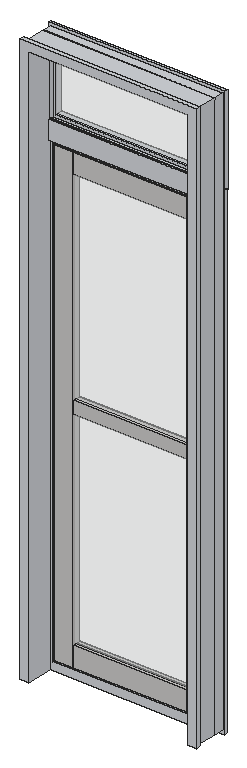
Revit family "APL Residential Thermal Heart Hinged Door with Overlight Open In", category Doors, host Wall, Revit 2017 (continued)
Definition of nested family "APL Residential Thermal Heart Hinged Door Open In Horizontal Section"
  Definition of nested family "Open In Jamb"
    Definition of nested family "65300_Open In Frame"
      Lines and regions (mm)
        model lines, in view "Ref. Level"
          curve 38: arc (16.673, -22.268, 0) -> (16.799, -22.181, 0) -> (16.865, -22.043, 0) r 0.3
          curve 39: arc (16.865, -22.043, 0) -> (17.138, -21.801, 0) -> (17.443, -22, 0) r 0.3
          curve 40: arc (19.76, -22, 0) -> (20.114, -21.854, 0) -> (20.26, -21.5, 0) r 0.5
          curve 41: arc (20.26, -15.2, 0) -> (20.319, -15.059, 0) -> (20.46, -15, 0) r 0.2
          curve 42: arc (24.707, -15.057, 0) -> (24.868, -15.163, 0) -> (25.057, -15.2, 0) r 0.5
          curve 43: arc (34.743, -15.2, 0) -> (34.932, -15.164, 0) -> (35.093, -15.057, 0) r 0.485
          curve 44: arc (41.4, -15, 0) -> (42.39, -14.59, 0) -> (42.8, -13.6, 0) r 1.4
          curve 45: arc (42.8, -13.194, 0) -> (42.917, -12.873, 0) -> (43.213, -12.702, 0) r 0.5
          curve 46: arc (44.013, -12.561, 0) -> (44.421, -12.67, 0) -> (44.6, -13.053, 0) r 0.5
          curve 47: arc (44.6, -24.2, 0) -> (44.981, -25.119, 0) -> (45.9, -25.5, 0) r 1.3
          curve 48: arc (55.35, -25.5, 0) -> (56, -24.85, 0) -> (55.35, -24.2, 0) r 0.65
          curve 49: arc (49.5, -4.7, 0) -> (49.854, -4.554, 0) -> (50, -4.2, 0) r 0.5
          curve 50: arc (50, 7.5, 0) -> (49.707, 8.207, 0) -> (49, 8.5, 0) r 1
          curve 51: arc (46.6, 8.5, 0) -> (45.893, 8.207, 0) -> (45.6, 7.5, 0) r 1
          curve 52: arc (45.6, 7.4, 0) -> (45.688, 7.188, 0) -> (45.9, 7.1, 0) r 0.3
          curve 53: arc (48.4, 7.1, 0) -> (48.541, 7.041, 0) -> (48.6, 6.9, 0) r 0.2
          curve 54: arc (48.6, 4, 0) -> (48.541, 3.859, 0) -> (48.4, 3.8, 0) r 0.2
          curve 55: arc (46.6, 3.8, 0) -> (46.238, 3.752, 0) -> (45.9, 3.612, 0) r 1.4
          curve 56: arc (39.875, 0.134, 0) -> (39.634, 0.034, 0) -> (39.375, 0, 0) r 1
          curve 57: arc (15.583, 0, 0) -> (15.278, -0.199, 0) -> (15.005, 0.043, 0) r 0.3
          curve 58: arc (15.005, 0.043, 0) -> (14.939, 0.181, 0) -> (14.813, 0.268, 0) r 0.3
          curve 59: arc (13.403, 0.782, 0) -> (13.117, 0.738, 0) -> (13.001, 0.474, 0) r 0.3
          curve 60: arc (13.208, -1.892, 0) -> (13.235, -1.992, 0) -> (13.295, -2.078, 0) r 0.3
          curve 61: arc (13.659, -2.441, 0) -> (13.852, -2.493, 0) -> (13.993, -2.352, 0) r 0.2
          curve 62: line (41.4, -12.02, 0) -> (41.4, -13.4, 0)
          curve 63: line (41.2, -13.6, 0) -> (16.255, -13.6, 0)
          curve 64: line (16.055, -13.4, 0) -> (16.055, -8.6, 0)
          curve 65: line (16.255, -8.4, 0) -> (16.9, -8.4, 0)
          curve 66: line (18.4, -6.9, 0) -> (18.4, -2.6, 0)
          curve 67: line (18.6, -2.4, 0) -> (23.2, -2.4, 0)
          curve 68: line (23.4, -2.2, 0) -> (23.4, -1.6, 0)
          curve 69: line (23.6, -1.4, 0) -> (33.4, -1.4, 0)
          curve 70: line (33.6, -1.6, 0) -> (33.6, -2.2, 0)
          curve 71: line (33.8, -2.4, 0) -> (38.4, -2.4, 0)
          curve 72: line (38.6, -2.2, 0) -> (38.6, -1.6, 0)
          curve 73: line (38.8, -1.4, 0) -> (39.375, -1.4, 0)
          curve 74: line (40.575, -1.078, 0) -> (46.554, 2.373, 0)
          curve 75: line (46.554, 2.373, 0) -> (48.4, 2.4, 0)
          curve 76: line (48.6, 2.2, 0) -> (48.6, -2.8, 0)
          curve 77: line (48.1, -3.3, 0) -> (46, -3.3, 0)
          curve 78: line (44.6, -4.7, 0) -> (44.6, -10.616, 0)
          curve 79: line (44.187, -11.109, 0) -> (41.813, -11.527, 0)
          curve 80: line (13.993, -2.352, 0) -> (14.179, -2.043, 0)
          curve 81: line (14.179, -2.043, 0) -> (16.168, -1.51, 0)
          curve 82: line (16.168, -1.51, 0) -> (16.4, -1.5, 0)
          curve 83: line (16.5, -2.247, 0) -> (16.5, -5.475, 0)
          curve 84: line (16.5, -5.475, 0) -> (16.694, -6.25, 0)
          curve 85: line (16.5, -6.5, 0) -> (15.979, -6.5, 0)
          curve 86: line (15.979, -6.5, 0) -> (14.569, -5.691, 0)
          curve 87: line (14.005, -5.5, 0) -> (13.755, -5.5, 0)
          curve 88: line (13.555, -5.7, 0) -> (13.555, -7.186, 0)
          curve 89: line (13.651, -7.356, 0) -> (14.059, -7.606, 0)
          curve 90: line (14.155, -7.776, 0) -> (14.155, -13.934, 0)
          curve 91: line (14.155, -13.934, 0) -> (15.056, -16.445, 0)
          curve 92: line (15.787, -16.701, 0) -> (15.924, -16.617, 0)
          curve 93: line (16.429, -16.309, 0) -> (17.682, -15.544, 0)
          curve 94: line (17.682, -15.544, 0) -> (18.36, -15.5, 0)
          curve 95: line (18.554, -15.75, 0) -> (18.366, -16.475, 0)
          curve 96: line (18.366, -16.475, 0) -> (18.36, -19.753, 0)
          curve 97: line (18.106, -20.5, 0) -> (16.039, -19.957, 0)
          curve 98: line (16.039, -19.957, 0) -> (15.853, -19.648, 0)
          curve 99: line (15.519, -19.559, 0) -> (15.155, -19.922, 0)
          curve 100: line (15.068, -20.108, 0) -> (14.861, -22.474, 0)
          curve 101: line (15.263, -22.782, 0) -> (16.673, -22.268, 0)
          curve 102: line (17.443, -22, 0) -> (19.76, -22, 0)
          curve 103: line (20.26, -21.5, 0) -> (20.26, -15.2, 0)
          curve 104: line (20.46, -15, 0) -> (24.567, -15, 0)
          curve 105: line (25.057, -15.2, 0) -> (29.5, -15.2, 0)
          curve 106: line (29.5, -15.2, 0) -> (29.9, -14.8, 0)
          curve 107: line (29.9, -14.8, 0) -> (30.3, -15.2, 0)
          curve 108: line (30.3, -15.2, 0) -> (34.743, -15.2, 0)
          curve 109: line (35.233, -15, 0) -> (41.4, -15, 0)
          curve 110: line (42.8, -13.6, 0) -> (42.8, -13.194, 0)
          curve 111: line (43.213, -12.702, 0) -> (44.013, -12.561, 0)
          curve 112: line (44.6, -13.053, 0) -> (44.6, -24.2, 0)
          curve 113: line (45.9, -25.5, 0) -> (47.7, -25.5, 0)
          curve 114: line (47.7, -25.5, 0) -> (48, -25.2, 0)
          curve 115: line (48, -25.2, 0) -> (53.25, -25.2, 0)
          curve 116: line (53.25, -25.2, 0) -> (53.55, -25.5, 0)
          curve 117: line (53.55, -25.5, 0) -> (55.35, -25.5, 0)
          curve 118: line (55.35, -24.2, 0) -> (46, -24.2, 0)
          curve 119: line (46, -24.2, 0) -> (46, -4.7, 0)
          curve 120: line (46, -4.7, 0) -> (49.5, -4.7, 0)
          curve 121: line (50, -4.2, 0) -> (50, 7.5, 0)
          curve 122: line (49, 8.5, 0) -> (46.6, 8.5, 0)
          curve 123: line (45.9, 7.1, 0) -> (48.4, 7.1, 0)
          curve 124: line (48.6, 6.9, 0) -> (48.6, 4, 0)
          curve 125: line (48.4, 3.8, 0) -> (46.6, 3.8, 0)
          curve 126: line (45.9, 3.612, 0) -> (39.875, 0.134, 0)
          curve 127: line (39.375, 0, 0) -> (36.5, 0, 0)
          curve 128: line (36.5, 0, 0) -> (36.1, -0.4, 0)
          curve 129: line (36.1, -0.4, 0) -> (35.7, 0, 0)
          curve 130: line (35.7, 0, 0) -> (25.9, 0, 0)
          curve 131: line (25.9, 0, 0) -> (25.5, -0.4, 0)
          curve 132: line (25.5, -0.4, 0) -> (25.1, 0, 0)
          curve 133: line (25.1, 0, 0) -> (15.583, 0, 0)
          curve 134: line (14.813, 0.268, 0) -> (13.403, 0.782, 0)
          curve 135: line (13.001, 0.474, 0) -> (13.208, -1.892, 0)
          curve 136: line (13.295, -2.078, 0) -> (13.659, -2.441, 0)
          curve 137: arc (14.038, -2.184, 0) -> (14.09, -2.095, 0) -> (14.179, -2.043, 0) r 0.2
          curve 138: arc (-0.24, -19.661, 0) -> (-0.123, -19.944, 0) -> (0.16, -20.061, 0) r 0.4
          curve 139: arc (0.453, -20.061, 0) -> (0.556, -20.047, 0) -> (0.653, -20.007, 0) r 0.4
          curve 140: arc (2.181, -19.122, 0) -> (2.471, -19.002, 0) -> (2.782, -18.961, 0) r 1.2
          curve 141: arc (3.705, -18.961, 0) -> (4.278, -18.78, 0) -> (4.644, -18.303, 0) r 1
          curve 142: arc (5.437, -16.124, 0) -> (5.584, -15.933, 0) -> (5.813, -15.861, 0) r 0.4
          curve 143: arc (12.307, -15.861, 0) -> (12.536, -15.933, 0) -> (12.683, -16.124, 0) r 0.4
          curve 144: arc (13.476, -18.303, 0) -> (13.842, -18.78, 0) -> (14.415, -18.961, 0) r 1
          curve 145: arc (15.338, -18.961, 0) -> (15.649, -19.002, 0) -> (15.939, -19.122, 0) r 1.2
          curve 146: arc (17.467, -20.007, 0) -> (17.564, -20.047, 0) -> (17.667, -20.061, 0) r 0.4
          curve 147: arc (17.96, -20.061, 0) -> (18.243, -19.944, 0) -> (18.36, -19.661, 0) r 0.4
          curve 148: arc (18.36, -16.261, 0) -> (18.243, -15.978, 0) -> (17.96, -15.861, 0) r 0.4
          curve 149: arc (17.667, -15.861, 0) -> (17.564, -15.875, 0) -> (17.467, -15.915, 0) r 0.4
          curve 150: arc (15.939, -16.799, 0) -> (15.645, -16.921, 0) -> (15.33, -16.961, 0) r 1.2
          curve 151: arc (15.33, -16.961, 0) -> (15.155, -16.908, 0) -> (15.044, -16.764, 0) r 0.3
          curve 152: arc (14.156, -14.324, 0) -> (14.009, -14.133, 0) -> (13.78, -14.061, 0) r 0.4
          curve 153: arc (4.34, -14.061, 0) -> (4.111, -14.133, 0) -> (3.964, -14.324, 0) r 0.4
          curve 154: arc (3.076, -16.764, 0) -> (2.965, -16.908, 0) -> (2.79, -16.961, 0) r 0.3
          curve 155: arc (2.79, -16.961, 0) -> (2.475, -16.921, 0) -> (2.181, -16.799, 0) r 1.2
          curve 156: arc (0.653, -15.915, 0) -> (0.556, -15.875, 0) -> (0.453, -15.861, 0) r 0.4
          curve 157: arc (0.16, -15.861, 0) -> (-0.123, -15.978, 0) -> (-0.24, -16.261, 0) r 0.4
          curve 158: line (0.16, -20.061, 0) -> (0.453, -20.061, 0)
          curve 159: line (0.653, -20.007, 0) -> (2.181, -19.122, 0)
          curve 160: line (2.782, -18.961, 0) -> (3.705, -18.961, 0)
          curve 161: line (4.644, -18.303, 0) -> (5.437, -16.124, 0)
          curve 162: line (5.813, -15.861, 0) -> (12.307, -15.861, 0)
          curve 163: line (12.683, -16.124, 0) -> (13.476, -18.303, 0)
          curve 164: line (14.415, -18.961, 0) -> (15.338, -18.961, 0)
          curve 165: line (15.939, -19.122, 0) -> (17.467, -20.007, 0)
          curve 166: line (17.667, -20.061, 0) -> (17.96, -20.061, 0)
          curve 167: line (18.36, -19.661, 0) -> (18.36, -16.261, 0)
          curve 168: line (17.96, -15.861, 0) -> (17.667, -15.861, 0)
          curve 169: line (17.467, -15.915, 0) -> (15.939, -16.799, 0)
          curve 170: line (15.044, -16.764, 0) -> (14.156, -14.324, 0)
          curve 171: line (13.78, -14.061, 0) -> (4.34, -14.061, 0)
          curve 172: line (3.964, -14.324, 0) -> (3.076, -16.764, 0)
          curve 173: line (2.181, -16.799, 0) -> (0.653, -15.915, 0)
          curve 174: line (0.453, -15.861, 0) -> (0.16, -15.861, 0)
          curve 175: line (-0.24, -16.261, 0) -> (-0.24, -19.661, 0)
          curve 176: arc (-2.1, -5.6, 0) -> (-1.983, -5.883, 0) -> (-1.7, -6, 0) r 0.4
          curve 177: arc (-1.407, -6, 0) -> (-1.304, -5.986, 0) -> (-1.207, -5.946, 0) r 0.4
          curve 178: arc (0.321, -5.061, 0) -> (0.611, -4.941, 0) -> (0.922, -4.9, 0) r 1.2
          curve 179: arc (1.845, -4.9, 0) -> (2.418, -4.719, 0) -> (2.784, -4.242, 0) r 1
          curve 180: arc (3.577, -2.063, 0) -> (3.724, -1.872, 0) -> (3.953, -1.8, 0) r 0.4
          curve 181: arc (10.447, -1.8, 0) -> (10.676, -1.872, 0) -> (10.823, -2.063, 0) r 0.4
          curve 182: arc (11.616, -4.242, 0) -> (11.982, -4.719, 0) -> (12.555, -4.9, 0) r 1
          curve 183: arc (13.478, -4.9, 0) -> (13.789, -4.941, 0) -> (14.079, -5.061, 0) r 1.2
          curve 184: arc (15.607, -5.946, 0) -> (15.704, -5.986, 0) -> (15.807, -6, 0) r 0.4
          curve 185: arc (16.1, -6, 0) -> (16.383, -5.883, 0) -> (16.5, -5.6, 0) r 0.4
          curve 186: arc (16.5, -2.2, 0) -> (16.383, -1.917, 0) -> (16.1, -1.8, 0) r 0.4
          curve 187: arc (15.807, -1.8, 0) -> (15.704, -1.814, 0) -> (15.607, -1.854, 0) r 0.4
          curve 188: arc (14.079, -2.739, 0) -> (13.785, -2.86, 0) -> (13.47, -2.9, 0) r 1.2
          curve 189: arc (13.47, -2.9, 0) -> (13.295, -2.847, 0) -> (13.184, -2.703, 0) r 0.3
          curve 190: arc (12.296, -0.263, 0) -> (12.149, -0.072, 0) -> (11.92, 0, 0) r 0.4
          curve 191: arc (2.48, 0, 0) -> (2.251, -0.072, 0) -> (2.104, -0.263, 0) r 0.4
          curve 192: arc (1.216, -2.703, 0) -> (1.105, -2.847, 0) -> (0.93, -2.9, 0) r 0.3
          curve 193: arc (0.93, -2.9, 0) -> (0.615, -2.86, 0) -> (0.321, -2.739, 0) r 1.2
          curve 194: arc (-1.207, -1.854, 0) -> (-1.304, -1.814, 0) -> (-1.407, -1.8, 0) r 0.4
          curve 195: arc (-1.7, -1.8, 0) -> (-1.983, -1.917, 0) -> (-2.1, -2.2, 0) r 0.4
          curve 196: line (-1.7, -6, 0) -> (-1.407, -6, 0)
          curve 197: line (-1.207, -5.946, 0) -> (0.321, -5.061, 0)
          curve 198: line (0.922, -4.9, 0) -> (1.845, -4.9, 0)
          curve 199: line (2.784, -4.242, 0) -> (3.577, -2.063, 0)
          curve 200: line (3.953, -1.8, 0) -> (10.447, -1.8, 0)
          curve 201: line (10.823, -2.063, 0) -> (11.616, -4.242, 0)
          curve 202: line (12.555, -4.9, 0) -> (13.478, -4.9, 0)
          curve 203: line (14.079, -5.061, 0) -> (15.607, -5.946, 0)
          curve 204: line (15.807, -6, 0) -> (16.1, -6, 0)
          curve 205: line (16.5, -5.6, 0) -> (16.5, -2.2, 0)
          curve 206: line (16.1, -1.8, 0) -> (15.807, -1.8, 0)
          curve 207: line (15.607, -1.854, 0) -> (14.079, -2.739, 0)
          curve 208: line (13.184, -2.703, 0) -> (12.296, -0.263, 0)
          curve 209: line (11.92, 0, 0) -> (2.48, 0, 0)
          curve 210: line (2.104, -0.263, 0) -> (1.216, -2.703, 0)
          curve 211: line (0.321, -2.739, 0) -> (-1.207, -1.854, 0)
          curve 212: line (-1.407, -1.8, 0) -> (-1.7, -1.8, 0)
          curve 213: line (-2.1, -2.2, 0) -> (-2.1, -5.6, 0)
          curve 214: arc (-15.5, 27, 0) -> (-15.351, 27.351, 0) -> (-15, 27.5, 0) r 0.508
          curve 215: arc (-8.7, 27.5, 0) -> (-8.559, 27.441, 0) -> (-8.5, 27.3, 0) r 0.2
          curve 216: arc (-8.5, 26.1, 0) -> (-8.559, 25.959, 0) -> (-8.7, 25.9, 0) r 0.2
          curve 217: arc (-13.8, 25.9, 0) -> (-13.941, 25.841, 0) -> (-14, 25.7, 0) r 0.2
          curve 218: arc (-14, 22.6, 0) -> (-13.941, 22.459, 0) -> (-13.8, 22.4, 0) r 0.2
          curve 219: arc (-10.5, 23.15, 0) -> (-10.346, 23.381, 0) -> (-10.073, 23.327, 0) r 0.25
          curve 220: arc (-8.5, 19.1, 0) -> (-8.559, 18.959, 0) -> (-8.7, 18.9, 0) r 0.2
          curve 221: arc (-8.7, 18.9, 0) -> (-9.266, 19.134, 0) -> (-9.5, 19.7, 0) r 0.8
          curve 222: arc (-9.5, 20.8, 0) -> (-9.559, 20.941, 0) -> (-9.7, 21, 0) r 0.2
          curve 223: arc (-11.9, 20.4, 0) -> (-12.3, 20, 0) -> (-12.7, 20.4, 0) r 0.4
          curve 224: arc (-11.7, 8, 0) -> (-11.554, 8.354, 0) -> (-11.2, 8.5, 0) r 0.5
          curve 225: arc (-9.5, 8.5, 0) -> (-8.793, 8.207, 0) -> (-8.5, 7.5, 0) r 1
          curve 226: arc (-8.5, 7.4, 0) -> (-8.588, 7.188, 0) -> (-8.8, 7.1, 0) r 0.3
          curve 227: arc (-10.217, 7.1, 0) -> (-10.329, 7.066, 0) -> (-10.402, 6.975, 0) r 0.2
          curve 228: arc (-10.402, 6.975, 0) -> (-10.917, 6.339, 0) -> (-11.7, 6.1, 0) r 1.4
          curve 229: arc (-13.8, 6.1, 0) -> (-13.941, 6.041, 0) -> (-14, 5.9, 0) r 0.2
          curve 230: arc (-14, 1, 0) -> (-13.707, 0.293, 0) -> (-13, 0, 0) r 1
          curve 231: arc (-1.183, 0, 0) -> (-0.878, -0.199, 0) -> (-0.605, 0.043, 0) r 0.3
          curve 232: arc (-0.605, 0.043, 0) -> (-0.539, 0.181, 0) -> (-0.413, 0.268, 0) r 0.3
          curve 233: arc (0.997, 0.782, 0) -> (1.283, 0.738, 0) -> (1.399, 0.474, 0) r 0.3
          curve 234: arc (1.192, -1.892, 0) -> (1.165, -1.992, 0) -> (1.105, -2.078, 0) r 0.3
          curve 235: arc (0.741, -2.441, 0) -> (0.548, -2.493, 0) -> (0.407, -2.352, 0) r 0.2
          curve 236: arc (0.362, -2.184, 0) -> (0.31, -2.095, 0) -> (0.221, -2.043, 0) r 0.2
          curve 237: arc (-2, -1.5, 0) -> (-2.28, -1.693, 0) -> (-2.2, -2.024, 0) r 0.3
          curve 238: arc (-2.2, -2.024, 0) -> (-2.126, -2.125, 0) -> (-2.1, -2.247, 0) r 0.3
          curve 239: arc (-2.294, -6.25, 0) -> (-2.258, -6.422, 0) -> (-2.1, -6.5, 0) r 0.2
          curve 240: arc (-1.579, -6.5, 0) -> (-1.498, -6.489, 0) -> (-1.423, -6.456, 0) r 0.3
          curve 241: arc (-0.169, -5.691, 0) -> (-0.172, -5.521, 0) -> (-0.066, -5.389, 0) r 0.25
          curve 242: arc (0.02, -5.337, 0) -> (0.25, -5.321, 0) -> (0.395, -5.5, 0) r 0.25
          curve 243: arc (0.645, -5.5, 0) -> (0.786, -5.559, 0) -> (0.845, -5.7, 0) r 0.2
          curve 244: arc (0.845, -13.8, 0) -> (0.904, -13.941, 0) -> (1.045, -14, 0) r 0.2
          curve 245: arc (3.668, -14, 0) -> (3.832, -14.085, 0) -> (3.856, -14.268, 0) r 0.2
          curve 246: arc (3.163, -16.171, 0) -> (2.98, -16.41, 0) -> (2.694, -16.5, 0) r 0.5
          curve 247: arc (2.255, -16.5, 0) -> (2.11, -16.679, 0) -> (1.88, -16.663, 0) r 0.25
          curve 248: arc (1.794, -16.611, 0) -> (1.688, -16.479, 0) -> (1.691, -16.309, 0) r 0.25
          curve 249: arc (0.438, -15.544, 0) -> (0.362, -15.511, 0) -> (0.281, -15.5, 0) r 0.3
          curve 250: arc (-0.24, -15.5, 0) -> (-0.398, -15.578, 0) -> (-0.434, -15.75, 0) r 0.2
          curve 251: arc (-0.24, -19.753, 0) -> (-0.266, -19.875, 0) -> (-0.34, -19.976, 0) r 0.3
          curve 252: arc (-0.34, -19.976, 0) -> (-0.42, -20.307, 0) -> (-0.14, -20.5, 0) r 0.3
          curve 253: arc (2.081, -19.957, 0) -> (2.17, -19.905, 0) -> (2.222, -19.816, 0) r 0.2
          curve 254: arc (2.267, -19.648, 0) -> (2.408, -19.507, 0) -> (2.601, -19.559, 0) r 0.2
          curve 255: arc (2.965, -19.922, 0) -> (3.025, -20.008, 0) -> (3.052, -20.108, 0) r 0.3
          curve 256: arc (3.259, -22.474, 0) -> (3.143, -22.738, 0) -> (2.857, -22.782, 0) r 0.3
          curve 257: arc (1.447, -22.268, 0) -> (1.321, -22.181, 0) -> (1.255, -22.043, 0) r 0.3
          curve 258: arc (1.255, -22.043, 0) -> (0.982, -21.801, 0) -> (0.677, -22, 0) r 0.3
          curve 259: arc (0.2, -22, 0) -> (0.059, -22.059, 0) -> (0, -22.2, 0) r 0.2
          curve 260: arc (0, -27.301, 0) -> (-0.107, -27.836, 0) -> (-0.41, -28.291, 0) r 1.4
          curve 261: arc (-5.407, -33.287, 0) -> (-5.624, -33.612, 0) -> (-5.7, -33.995, 0) r 1
          curve 262: arc (-5.7, -39.659, 0) -> (-5.623, -39.816, 0) -> (-5.452, -39.853, 0) r 0.2
          curve 263: arc (-5.452, -39.853, 0) -> (-4.643, -40.177, 0) -> (-4.687, -41.048, 0) r 0.75
          curve 264: arc (-4.687, -41.048, 0) -> (-5.025, -42.005, 0) -> (-4.687, -42.962, 0) r 1.525
          curve 265: arc (-4.687, -42.962, 0) -> (-4.594, -43.113, 0) -> (-4.539, -43.281, 0) r 0.75
          curve 266: arc (-4.539, -43.281, 0) -> (-4.442, -43.492, 0) -> (-4.26, -43.636, 0) r 0.5
          curve 267: arc (-4.26, -43.636, 0) -> (-3.5, -43.805, 0) -> (-2.74, -43.637, 0) r 1.8
          curve 268: arc (-2.74, -43.637, 0) -> (-2.558, -43.492, 0) -> (-2.461, -43.28, 0) r 0.5
          curve 269: arc (-2.461, -43.28, 0) -> (-2.406, -43.112, 0) -> (-2.312, -42.961, 0) r 0.737
          curve 270: arc (-2.312, -42.961, 0) -> (-1.975, -42.005, 0) -> (-2.312, -41.049, 0) r 1.525
          curve 271: arc (-2.312, -41.049, 0) -> (-2.2, -40.012, 0) -> (-1.163, -40.124, 0) r 0.737
          curve 272: arc (-1.163, -40.124, 0) -> (-0.507, -41.796, 0) -> (-0.924, -43.544, 0) r 3
          curve 273: arc (-0.924, -43.544, 0) -> (-0.93, -44.047, 0) -> (-0.495, -44.3, 0) r 0.5
          curve 274: arc (-0.2, -44.3, 0) -> (-0.059, -44.359, 0) -> (0, -44.5, 0) r 0.2
          curve 275: arc (0, -45.3, 0) -> (-0.059, -45.441, 0) -> (-0.2, -45.5, 0) r 0.2
          curve 276: arc (-6, -45.5, 0) -> (-6.707, -45.207, 0) -> (-7, -44.5, 0) r 1
          curve 277: arc (-7, -35.563, 0) -> (-7.281, -34.295, 0) -> (-8.072, -33.265, 0) r 3
          curve 278: arc (-14.428, -27.931, 0) -> (-15.219, -26.9, 0) -> (-15.5, -25.63, 0) r 3
          curve 279: arc (-13.102, -1.4, 0) -> (-13.808, -1.693, 0) -> (-14.1, -2.4, 0) r 1
          curve 280: arc (-14.1, -25.631, 0) -> (-13.951, -26.308, 0) -> (-13.528, -26.859, 0) r 1.6
          curve 281: arc (-7.044, -32.3, 0) -> (-6.701, -32.416, 0) -> (-6.369, -32.27, 0) r 0.5
          curve 282: arc (-1.693, -27.594, 0) -> (-1.476, -27.269, 0) -> (-1.4, -26.886, 0) r 1
          curve 283: arc (-1.4, -22.466, 0) -> (-1.503, -22.161, 0) -> (-1.77, -21.983, 0) r 0.5
          curve 284: arc (-1.77, -21.983, 0) -> (-2.037, -21.804, 0) -> (-2.14, -21.5, 0) r 0.5
          curve 285: arc (-2.14, -15, 0) -> (-1.88, -14.328, 0) -> (-1.236, -14.005, 0) r 1
          curve 286: arc (-1.236, -14.005, 0) -> (-1.107, -13.94, 0) -> (-1.055, -13.806, 0) r 0.2
          curve 287: arc (-1.055, -8.9, 0) -> (-1.201, -8.546, 0) -> (-1.555, -8.4, 0) r 0.5
          curve 288: arc (-2.5, -8.4, 0) -> (-3.617, -8.073, 0) -> (-4.1, -7.014, 0) r 1.4
          curve 289: arc (-4.1, -1.9, 0) -> (-4.246, -1.546, 0) -> (-4.6, -1.4, 0) r 0.5
          curve 290: line (-15.5, -25.63, 0) -> (-15.5, 27, 0)
          curve 291: line (-15, 27.5, 0) -> (-8.7, 27.5, 0)
          curve 292: line (-8.5, 27.3, 0) -> (-8.5, 26.1, 0)
          curve 293: line (-8.7, 25.9, 0) -> (-13.8, 25.9, 0)
          curve 294: line (-14, 25.7, 0) -> (-14, 22.6, 0)
          curve 295: line (-13.8, 22.4, 0) -> (-10.5, 22.4, 0)
          curve 296: line (-10.5, 22.4, 0) -> (-10.5, 23.15, 0)
          curve 297: line (-10.073, 23.327, 0) -> (-8.559, 21.812, 0)
          curve 298: line (-8.559, 21.812, 0) -> (-8.5, 19.1, 0)
          curve 299: line (-9.5, 19.7, 0) -> (-9.5, 20.8, 0)
          curve 300: line (-9.7, 21, 0) -> (-11.9, 21, 0)
          curve 301: line (-11.9, 21, 0) -> (-11.9, 20.4, 0)
          curve 302: line (-12.7, 20.4, 0) -> (-12.7, 21, 0)
          curve 303: line (-12.7, 21, 0) -> (-14, 21, 0)
          curve 304: line (-14, 21, 0) -> (-14, 7.5, 0)
          curve 305: line (-14, 7.5, 0) -> (-11.7, 7.5, 0)
          curve 306: line (-11.7, 7.5, 0) -> (-11.7, 8, 0)
          curve 307: line (-11.2, 8.5, 0) -> (-9.5, 8.5, 0)
          curve 308: line (-8.8, 7.1, 0) -> (-10.217, 7.1, 0)
          curve 309: line (-11.7, 6.1, 0) -> (-13.8, 6.1, 0)
          curve 310: line (-14, 5.9, 0) -> (-14, 1, 0)
          curve 311: line (-13, 0, 0) -> (-1.183, 0, 0)
          curve 312: line (-0.413, 0.268, 0) -> (0.997, 0.782, 0)
          curve 313: line (1.399, 0.474, 0) -> (1.192, -1.892, 0)
          curve 314: line (1.105, -2.078, 0) -> (0.741, -2.441, 0)
          curve 315: line (0.407, -2.352, 0) -> (0.362, -2.184, 0)
          curve 316: line (0.362, -2.184, 0) -> (-1.768, -1.51, 0)
          curve 317: line (-1.768, -1.51, 0) -> (-2, -1.5, 0)
          curve 318: line (-2.1, -2.247, 0) -> (-2.1, -5.475, 0)
          curve 319: line (-2.1, -5.475, 0) -> (-2.294, -6.25, 0)
          curve 320: line (-2.1, -6.5, 0) -> (-1.579, -6.5, 0)
          curve 321: line (-1.579, -6.5, 0) -> (-0.169, -5.691, 0)
          curve 322: line (0.395, -5.5, 0) -> (0.645, -5.5, 0)
          curve 323: line (0.845, -5.7, 0) -> (0.845, -13.8, 0)
          curve 324: line (1.045, -14, 0) -> (3.668, -14, 0)
          curve 325: line (3.856, -14.268, 0) -> (3.163, -16.171, 0)
          curve 326: line (2.694, -16.5, 0) -> (2.255, -16.5, 0)
          curve 327: line (1.691, -16.309, 0) -> (0.438, -15.544, 0)
          curve 328: line (0.438, -15.544, 0) -> (-0.24, -15.5, 0)
          curve 329: line (-0.434, -15.75, 0) -> (-0.246, -16.475, 0)
          curve 330: line (-0.246, -16.475, 0) -> (-0.24, -19.753, 0)
          curve 331: line (0.014, -20.5, 0) -> (2.081, -19.957, 0)
          curve 332: line (2.081, -19.957, 0) -> (2.267, -19.648, 0)
          curve 333: line (2.601, -19.559, 0) -> (2.965, -19.922, 0)
          curve 334: line (3.052, -20.108, 0) -> (3.259, -22.474, 0)
          curve 335: line (2.857, -22.782, 0) -> (1.447, -22.268, 0)
          curve 336: line (0.677, -22, 0) -> (0.2, -22, 0)
          curve 337: line (0, -22.2, 0) -> (0, -27.301, 0)
          curve 338: line (-0.41, -28.291, 0) -> (-5.407, -33.287, 0)
          curve 339: line (-5.7, -33.995, 0) -> (-5.7, -39.659, 0)
          curve 340: line (-0.495, -44.3, 0) -> (-0.2, -44.3, 0)
          curve 341: line (0, -44.5, 0) -> (0, -45.3, 0)
          curve 342: line (-0.2, -45.5, 0) -> (-6, -45.5, 0)
          curve 343: line (-7, -44.5, 0) -> (-7, -35.563, 0)
          curve 344: line (-8.072, -33.265, 0) -> (-14.428, -27.931, 0)
          curve 345: line (-14.1, -2.4, 0) -> (-14.1, -25.631, 0)
          curve 346: line (-13.528, -26.859, 0) -> (-7.044, -32.3, 0)
          curve 347: line (-6.369, -32.27, 0) -> (-1.693, -27.594, 0)
          curve 348: line (-1.4, -26.886, 0) -> (-1.4, -22.466, 0)
          curve 349: line (-2.14, -21.5, 0) -> (-2.14, -15, 0)
          curve 350: line (-1.055, -13.806, 0) -> (-1.055, -8.9, 0)
          curve 351: line (-1.555, -8.4, 0) -> (-2.5, -8.4, 0)
          curve 352: line (-4.1, -7.014, 0) -> (-4.1, -1.9, 0)
          curve 353: line (-4.6, -1.4, 0) -> (-13.102, -1.4, 0)
      Text (mm)
        text "65300" at (11.86, 30.704, 0), in view "Ref. Level"
Types (2, lengths in mm): name | Rough Height | Reveal Liner | Liner | Frame Projection Ext. | Height | Architrave
  Architrave | 2713 | no | 51 | 13 | 2700.5 | yes
  Liner | 2315 | yes | 407 | 14.3 | 2302.5 | no
